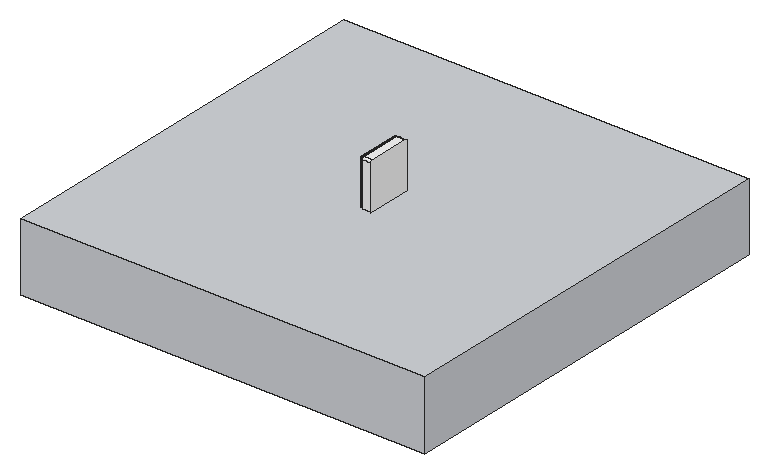
Revit family "SEWL-E", category Lighting Fixtures, host Face, Revit 2021
Family settings
  Host = Face
  Round Connector Dimension = Use Diameter
  Part Type = Normal
  OmniClass Number = 23.80.70.11.21
  OmniClass Title = Emergency Lighting
  Cut with Voids When Loaded = No
  Light Source = Yes
  Shared = No
  Room Calculation Point = No
Parameters (values of type "SEWL-E")
  Wattage Comments = "2.64-3.50W"
  Wattage = 9.2903 W
  built-in parameter 1150110 = 1 (stored number, unit not read)
  URL = "https://www.currentlighting.com/dual-lite"
  built-in parameter 1114217 = 1 (stored number, unit not read)
  built-in parameter 1150109 = 1 (stored number, unit not read)
  built-in parameter 1150134 = 3
  built-in parameter 1150113 = 1 (stored number, unit not read)
  Product Page URL = ""
  Product Documentation Link = ""
  Mounting = "End Mount"  # constant formula
  Model = "SEWL"  # constant formula
  Manufacturer = "Dual-Lite"  # constant formula
  built-in parameter 1150105 = 109.82 (stored number, unit not read)
  Lumens = 1380 lm
  built-in parameter 1150115 = 1 (stored number, unit not read)
  Light Source Symbol Size = 0.200"
  built-in parameter 1150137 = (empty or 0)
  built-in parameter 1150139 = (empty or 0)
  Lettering = Red
  built-in parameter 1150112 = 1 (stored number, unit not read)
  built-in parameter 1150114 = 1 (stored number, unit not read)
  Lamp = "LED"  # constant formula
  built-in parameter 1150132 = (empty or 0)
  built-in parameter 1150102 = (empty or 0)
  built-in parameter 1150107 = 3200 (stored number, unit not read)
  built-in parameter 1150138 = (empty or 0)
  built-in parameter 1150106 = 1.0982 (stored number, unit not read)
  Glass = Glass
  Family = "Outdoor Emergency Lighting"  # constant formula
  Emit from Line Length = 10.000"
  built-in parameter 1150104 = 13.8 (stored number, unit not read)
  Dimming Lamp Color Temperature Shift = <None>
  Description = "Exit Sign, Harsh Environment, Die-Cast Aluminum Housing"  # constant formula
  Default Elevation = 48.000"
  Color Filter = 16777215
  built-in parameter 1114218 = 1 (stored number, unit not read)
  Backbox = White
  built-in parameter 1150133 = 10 (stored number, unit not read)
Reference planes (in)
  plane 1 "Center (Front/Back)": y = 0.03999
  plane 2: z = 4.27647
  plane 3 "Center (Left/Right)": x = 0
  plane 4: y = 5.02359
  plane 5: z = 15.14797
  plane 6: through (-3.31076, -180, 0.4602) normal (-0.0001, 0, 1)
  plane 7: y = -1.19361
  plane 8: y = 1.27359
  plane 9: y = -1.19361
  plane 10: y = -0.81857
  plane 11: through (0.77374, -180, -3.95583) normal (-1, 0, -0.0001)
  plane 12: x = -1.2336
  plane 13: x = 1.2336
  plane 14: through (-180.03999, 0.00274, 1.81248) normal (0, 1, 0.0001)
  plane 15: through (-180.03999, 0.00192, 13.75794) normal (0, -1, -0.0001)
  plane 16: y = 0.89855
Forms (in)
  Extrusion 1, solid
    sketch origin (0, 0, 0.06357) x (1, 0, 0) y (0, 1, 0)
      loop
        line (-48, 48) -> (-48, -48) -> (48, -48) -> (48, 48) -> (-48, 48)
    from 4.2129 to -12
  Extrusion 2, solid, material "White" <- "Backbox"
    sketch origin (0.03999, -0.07477, 0.46073) x (0, -1, -0.000069) y (-1, 0, 0)
      loop
        line (-2.625, 1.85222) -> (-2.625, 0.03999) -> (-2.625, -1.77223)
        arc (-2.625, -1.77223) -> (-2.56642, -1.91365) -> (-2.425, -1.97223) r 0.2
        line (-2.425, -1.97223) -> (2.425, -1.97223)
        arc (2.425, -1.97223) -> (2.56642, -1.91365) -> (2.625, -1.77223) r 0.2
        line (2.625, -1.77223) -> (2.625, 0.03999) -> (2.625, 1.85222)
        arc (2.625, 1.85222) -> (2.56642, 1.99364) -> (2.425, 2.05222) r 0.2
        line (2.425, 2.05222) -> (-2.425, 2.05222)
        arc (-2.425, 2.05222) -> (-2.56642, 1.99364) -> (-2.625, 1.85222) r 0.2
    from 0 to 0.39716
  Extrusion 3, solid, material "White" <- "Backbox"
    sketch origin (0, 5.51522, 7.80486) x (0, -0.000069, 1) y (0, -1, -0.000069)
      loop
        arc (-6.94375, 10.93507) -> (-7.22659, 10.81791) -> (-7.34375, 10.53507) r 0.4
        line (-7.34375, 10.53507) -> (-7.34375, 0.83426)
        arc (-7.34375, 0.83426) -> (-7.22659, 0.55141) -> (-6.94375, 0.43426) r 0.4
        line (-6.94375, 0.43426) -> (6.94375, 0.43426)
        arc (6.94375, 0.43426) -> (7.22659, 0.55141) -> (7.34375, 0.83426) r 0.4
        line (7.34375, 0.83426) -> (7.34375, 10.53507)
        arc (7.34375, 10.53507) -> (7.22659, 10.81791) -> (6.94375, 10.93507) r 0.4
        line (6.94375, 10.93507) -> (-6.94375, 10.93507)
    from -0.71562 to 1.2336
  Extrusion 4, solid, material "Glass" <- "Glass"
    sketch origin (0, 5.51522, 7.80486) x (0, -0.000069, 1) y (0, -1, -0.000069)
      loop
        line (-7.34375, 10.53507) -> (-7.34375, 0.83426)
        arc (-7.34375, 0.83426) -> (-7.22659, 0.55141) -> (-6.94375, 0.43426) r 0.4
        line (-6.94375, 0.43426) -> (6.94375, 0.43426)
        arc (6.94375, 0.43426) -> (7.22659, 0.55141) -> (7.34375, 0.83426) r 0.4
        line (7.34375, 0.83426) -> (7.34375, 10.53507)
        arc (7.34375, 10.53507) -> (7.22659, 10.81791) -> (6.94375, 10.93507) r 0.4
        line (6.94375, 10.93507) -> (-6.94375, 10.93507)
        arc (-6.94375, 10.93507) -> (-7.22659, 10.81791) -> (-7.34375, 10.53507) r 0.4
      loop
        line (-7.24375, 10.53507) -> (-7.24375, 0.83426)
        arc (-7.24375, 0.83426) -> (-7.15588, 0.62213) -> (-6.94375, 0.53426) r 0.3
        line (-6.94375, 0.53426) -> (6.94375, 0.53426)
        arc (6.94375, 0.53426) -> (7.15588, 0.62213) -> (7.24375, 0.83426) r 0.3
        line (7.24375, 0.83426) -> (7.24375, 10.53507)
        arc (7.24375, 10.53507) -> (7.15588, 10.7472) -> (6.94375, 10.83507) r 0.3
        line (6.94375, 10.83507) -> (-6.94375, 10.83507)
        arc (-6.94375, 10.83507) -> (-7.15588, 10.7472) -> (-7.24375, 10.53507) r 0.3
    from -1.2336 to -0.71562
  Extrusion 5, solid, material "White" <- "Backbox"
    sketch origin (0, 5.51522, 7.80486) x (0, -0.000069, 1) y (0, 1, 0.000069)
      loop
        line (-6.14375, -9.73507) -> (6.14375, -9.73507) -> (6.14375, -1.26357) -> (-6.14375, -1.26357) -> (-6.14375, -9.73507)
    from 0.71562 to 0.85856
  Extrusion 6, solid, material "Glass" <- "Glass"
    sketch origin (0, 5.51522, 7.80486) x (0, -0.000069, 1) y (0, -1, -0.000069)
      loop
        arc (-7.24375, 0.83426) -> (-7.15588, 0.62213) -> (-6.94375, 0.53426) r 0.3
        line (-6.94375, 0.53426) -> (6.94375, 0.53426)
        arc (6.94375, 0.53426) -> (7.15588, 0.62213) -> (7.24375, 0.83426) r 0.3
        line (7.24375, 0.83426) -> (7.24375, 10.53507)
        arc (7.24375, 10.53507) -> (7.15588, 10.7472) -> (6.94375, 10.83507) r 0.3
        line (6.94375, 10.83507) -> (-6.94375, 10.83507)
        arc (-6.94375, 10.83507) -> (-7.15588, 10.7472) -> (-7.24375, 10.53507) r 0.3
        line (-7.24375, 10.53507) -> (-7.24375, 0.83426)
    from -1.2336 to -1.1094
  Extrusion 7, solid, material "Red" <- "Lettering"
    sketch origin (-0.03999, -4.87737, 8.81501) x (0, 0.000069, -1) y (0, -1, -0.000069)
      loop
        line (4.26086, -7.32353) -> (3.07884, -7.32353) -> (3.07884, -7.82353) -> (4.76086, -7.82353) -> (4.76086, -4.92704) -> (4.76086, -2.03056) -> (3.07884, -2.03056) -> (3.07884, -2.53056) -> (4.26086, -2.53056) -> (4.26086, -4.61247) -> (3.07884, -4.61247) -> (3.07884, -4.92704) -> (3.07884, -5.24161) -> (4.26086, -5.24161) -> (4.26086, -7.32353)
      loop
        line (2.47814, -7.82243) -> (1.80969, -4.92704) -> (2.47814, -2.03165) -> (1.82285, -2.03165) -> (1.53481, -2.82304) -> (1.24677, -2.03165) -> (0.59148, -2.03165) -> (1.25993, -4.92704) -> (0.59148, -7.82243) -> (1.24677, -7.82243) -> (1.53481, -7.03104) -> (1.82285, -7.82243) -> (2.47814, -7.82243)
      loop
        line (-0.17116, -7.82353) -> (-0.17116, -2.03165) -> (-0.771, -2.03165) -> (-0.771, -7.82353) -> (-0.17116, -7.82353)
      loop
        line (-2.15022, -2.03165) -> (-2.75006, -2.03165) -> (-2.75006, -7.09997) -> (-3.61882, -7.09997) -> (-3.61882, -7.75526) -> (-1.36882, -7.75526) -> (-1.36882, -7.09997) -> (-2.15022, -7.09997) -> (-2.15022, -2.03165)
    from 0.81857 to 0.89925
  Extrusion 8, solid, material "Red"
    sketch origin (0.03999, -3.02135, 7.55877) x (0, -0.000069, 1) y (0, 1, 0.000069)
      loop
        line (-4.97072, 3.79907) -> (-5.7461, 3.02369) -> (-4.97072, 2.24831) -> (-4.58478, 2.24831) -> (-5.36016, 3.02369) -> (-4.58478, 3.79907) -> (-4.97072, 3.79907)
      loop
        line (5.42318, 3.79907) -> (5.03724, 3.79907) -> (5.81262, 3.02369) -> (5.03724, 2.24831) -> (5.42318, 2.24831) -> (6.19856, 3.02369) -> (5.42318, 3.79907)
    from 0.89855 to 0.97923
Dimensions and locks (in)
  locked: plane 5 to plane 2 at 10.8715
  locked: Extrusion 5 sketch curve to Extrusion 5 sketch curve at 8.4715
  locked: Extrusion 5 sketch curve to Extrusion 5 sketch curve at 12.2875
  plane 4 to plane 8 = 3.750"
  aligned and locked: plane 2 to Extrusion 1
  aligned and locked: Extrusion 3 to Extrusion 4
  aligned and locked: Extrusion 7 sketch curve to Extrusion 7 sketch curve
  aligned and locked: Extrusion 8 sketch curve to plane 14  (x4)
  aligned and locked: plane 15 to Extrusion 8 sketch curve  (x4)
  aligned and locked: Extrusion 4 to Extrusion 6
  aligned and locked: plane 12 to Extrusion 4
  aligned and locked: Extrusion 3 to plane 13
Connectors (in)
  electrical at (0, 0, 0.06357), driven by "Description"
    settings: index 1, voltage 0 V, apparent load 0 VA, apparent load phase1 0 VA, apparent load phase2 0 VA, apparent load phase3 0 VA, power factor 1, load classification "Other", number of poles 1, system type 30, power factor state 1, is connector primary yes, connector utility no, sub classification motor no, connector description "Exit Sign, Harsh Environment, Die-Cast Aluminum Housing"
